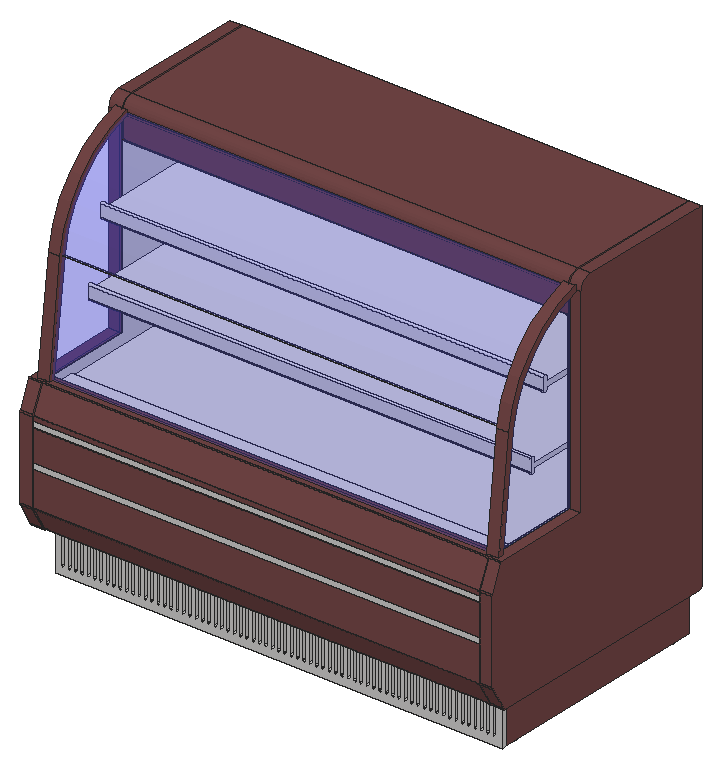
Revit family "QF_Turbo Air_TCGB-60-DR", category Specialty Equipment, Revit 2014
Parameters
  Weight in Pounds = 525
  Watermarked By = ""
  Volts = 115 V
  Vent Material = QF_Stainless-Polished
  URL Cutsheet = ""
  URL = "www.turboairinc.com"
  Status [instance] = ""
  Specification by User [instance] = ""
  Specification by Manufacturer [instance] = ""
  Serial Number [instance] = ""
  Revision Code [instance] = ""
  Phase = 1
  Number of Poles [instance] = 1
  NAFEM Spec ID Number [instance] = ""
  Model = "TCGB-60-DR"
  Masterspec [instance] = ""
  Manufacturer = "Turbo Air"  # constant formula
  Item Number [instance] = "-"
  Installed By [instance] = ""
  Furnished By [instance] = ""
  Foodservice Equipment Identifier = yes
  FL Amps = 0.7 A
  Exterior Material = QF_Plastic-Red Wine
  Electrical Remarks [instance] = ""
  Electric Connection Type [instance] = ""
  Elec Conn RI Height [instance] = 0' - 0"
  Elec Conn Connection Height = 0' - 6"
  Description = "Bakery Case"
  Cycle = 60 Hz
  Conn Plug = "NEMA 5-15P"
  CSI MasterFormat = "11 41 13"
  Assembly Code = "E1090320"
  Apparent Power = if(Phase = 3, Volts * FL Amps * 1.73, Volts * FL Amps)  # 80.5 VA
Reference planes (in)
  plane 1 "Handle Back": y = 0
  plane 2: z = 0
  plane 3 "LEFT": x = -16.56573
  plane 4 "RIGHT": x = 43.93427
  plane 5 "FRONT": y = -34.25
  plane 6 "Bottom": z = 0.3125
  plane 7 "Inside Left": x = -14.94073
  plane 8 "Inside Right": x = 42.30927
  plane 9 "BACK": y = -0.75
  plane 10 "Panel Lower": z = 23.25
  plane 11 "Inside Bottom": z = 21.125
  plane 12 "Panel Bottom": z = 6.0625
  plane 13 "TOP": z = 50.125
  plane 14 "Bottom Front": y = -30
  plane 15 "Door Left": x = -13.62823
  plane 16 "Door Right": x = 40.99677
  plane 17 "Lower Shelf": z = 30.6875
  plane 18 "Upper Shelf": z = 39.1875
  plane 19 "Door Top": z = 46.5625
  plane 20 "Door Bottom": z = 22.3125
  plane 21 "CENTER LR": x = 13.68427
Forms (in)
  Extrusion 1, solid, material "QF_Plastic-Red Wine" <- "Exterior Material"
    sketch origin (-16.56573, 0, 0) x (0, 1, 0) y (0, 0, 1)
      loop
        arc (-1.125, 6.0625) -> (-0.85983, 6.17233) -> (-0.75, 6.4375) r 0.375
        line (-0.75, 6.4375) -> (-0.75, 50.125) -> (-18.5, 50.125)
        arc (-18.5, 50.125) -> (-19.56066, 49.68566) -> (-20, 48.625) r 1.5
        line (-20, 48.625) -> (-20, 23.25) -> (-32.77179, 23.25)
        arc (-32.77179, 23.25) -> (-32.8059, 23.23987) -> (-32.82896, 23.21277) r 0.0625
        line (-32.82896, 23.21277) -> (-34.21799, 20.07001)
        arc (-34.21799, 20.07001) -> (-34.24191, 19.99589) -> (-34.25, 19.91842) r 0.375
        line (-34.25, 19.91842) -> (-34.25, 9.41058)
        arc (-34.25, 9.41058) -> (-34.23722, 9.31352) -> (-34.19976, 9.22308) r 0.375
        line (-34.19976, 9.22308) -> (-32.48325, 6.25)
        arc (-32.48325, 6.25) -> (-32.34599, 6.11274) -> (-32.15849, 6.0625) r 0.375
        line (-32.15849, 6.0625) -> (-1.125, 6.0625)
    from 0 to 1.625
  Extrusion 2, solid, material "QF_Plastic-Red Wine" <- "Exterior Material"
    sketch origin (43.93427, 0, 0) x (0, 1, 0) y (0, 0, 1)
      loop
        arc (-1.125, 6.0625) -> (-0.85983, 6.17233) -> (-0.75, 6.4375) r 0.375
        line (-0.75, 6.4375) -> (-0.75, 50.125) -> (-18.5, 50.125)
        arc (-18.5, 50.125) -> (-19.56066, 49.68566) -> (-20, 48.625) r 1.5
        line (-20, 48.625) -> (-20, 23.25) -> (-32.77179, 23.25)
        arc (-32.77179, 23.25) -> (-32.8059, 23.23987) -> (-32.82896, 23.21277) r 0.0625
        line (-32.82896, 23.21277) -> (-34.21799, 20.07001)
        arc (-34.21799, 20.07001) -> (-34.24191, 19.99589) -> (-34.25, 19.91842) r 0.375
        line (-34.25, 19.91842) -> (-34.25, 9.41058)
        arc (-34.25, 9.41058) -> (-34.23722, 9.31352) -> (-34.19976, 9.22308) r 0.375
        line (-34.19976, 9.22308) -> (-32.48325, 6.25)
        arc (-32.48325, 6.25) -> (-32.34599, 6.11274) -> (-32.15849, 6.0625) r 0.375
        line (-32.15849, 6.0625) -> (-1.125, 6.0625)
    from 0 to -1.625
  Extrusion 3, solid, material "QF_Plastic-Red Wine" <- "Exterior Material"
    sketch origin (-14.94073, 0, 0) x (0, 1, 0) y (0, 0, 1)
      loop
        line (-31.625, 23.25) -> (-29.95691, 36.83548)
        arc (-29.95691, 36.83548) -> (-26.72363, 44.11107) -> (-20, 48.375) r 13.75
        line (-20, 48.375) -> (-20, 48.625)
        arc (-20, 48.625) -> (-19.97988, 48.86988) -> (-19.92004, 49.10819) r 1.5
        arc (-19.92004, 49.10819) -> (-27.15455, 44.66306) -> (-30.63919, 36.92003) r 14.4375
        line (-30.63919, 36.92003) -> (-32.31766, 23.25) -> (-31.625, 23.25)
    from -0.875 to 0.625
  Extrusion 4, solid, material "QF_Plastic-Red Wine" <- "Exterior Material"
    sketch origin (42.30927, 0, 0) x (0, 1, 0) y (0, 0, 1)
      loop
        line (-31.625, 23.25) -> (-29.95691, 36.83548)
        arc (-29.95691, 36.83548) -> (-26.72363, 44.11107) -> (-20, 48.375) r 13.75
        line (-20, 48.375) -> (-20, 48.625)
        arc (-20, 48.625) -> (-19.97988, 48.86988) -> (-19.92004, 49.10819) r 1.5
        arc (-19.92004, 49.10819) -> (-27.15455, 44.66306) -> (-30.63919, 36.92003) r 14.4375
        line (-30.63919, 36.92003) -> (-32.31766, 23.25) -> (-31.625, 23.25)
    from 0.875 to -0.625
  Extrusion 5, solid, material "QF_Glass-Cast-Clear"
    sketch origin (-14.94073, 0, 0) x (0, 1, 0) y (0, 0, 1)
      loop
        arc (-20, 48.375) -> (-26.72363, 44.11107) -> (-29.95691, 36.83548) r 13.75
        line (-29.95691, 36.83548) -> (-31.625, 23.25) -> (-20, 23.25) -> (-20, 48.375)
    from 0 to -0.25
  Extrusion 6, solid, material "QF_Glass-Cast-Clear"
    sketch origin (42.30927, 0, 0) x (0, 1, 0) y (0, 0, 1)
      loop
        arc (-20, 48.375) -> (-26.72363, 44.11107) -> (-29.95691, 36.83548) r 13.75
        line (-29.95691, 36.83548) -> (-31.625, 23.25) -> (-20, 23.25) -> (-20, 48.375)
    from 0 to 0.25
  Extrusion 7, solid, material "QF_Plastic-Red Wine" <- "Exterior Material"
    sketch origin (-14.94073, 0, 0) x (0, 1, 0) y (0, 0, 1)
      loop
        line (-0.75, 50.125) -> (-18.5, 50.125)
        arc (-18.5, 50.125) -> (-19.56066, 49.68566) -> (-20, 48.625) r 1.5
        line (-20, 48.625) -> (-20, 45.5)
        arc (-20, 45.5) -> (-19.9375, 45.4375) -> (-19.875, 45.5) r 0.0625
        line (-19.875, 45.5) -> (-19.875, 48.625)
        arc (-19.875, 48.625) -> (-19.81819, 49.01616) -> (-19.65244, 49.375) r 1.375
        line (-19.65244, 49.375) -> (-3.125, 49.375) -> (-3.125, 46.5625) -> (-0.75, 46.5625) -> (-0.75, 50.125)
      loop
        line (-0.75, 14.3125) -> (-0.75, 22.3125) -> (-3.125, 22.3125) -> (-3.125, 14.3125) -> (-0.75, 14.3125)
    from 0 to 57.25
  Extrusion 8, solid, material "QF_Plastic-Red Wine" <- "Exterior Material"
    sketch origin (0, 0, 0.3125) x (0, 1, 0) y (-1, 0, 0)
      loop
        line (-0.75, 14.94073) -> (-30, 14.94073) -> (-30, -42.30927) -> (-0.75, -42.30927) -> (-0.75, 14.94073)
      loop
        line (-29.75, 14.69073) -> (-29.75, -42.05927) -> (-1, -42.05927) -> (-1, 14.69073) -> (-29.75, 14.69073)
    from 0 to 14
  Extrusion 9, solid, material "QF_Plastic-Red Wine" <- "Exterior Material"
    sketch origin (0, 0, 0.3125) x (0, 1, 0) y (-1, 0, 0)
      loop
        line (-29.75, -42.05927) -> (-1, -42.05927) -> (-1, 14.69073) -> (-29.75, 14.69073) -> (-29.75, -42.05927)
    from 0 to 0.25
  Extrusion 10, solid, material "QF_Stainless-Polished" <- "Vent Material"
    sketch origin (0, -30, 0) x (1, 0, 0) y (0, 0, 1)
      loop
        line (-14.94073, 6.1875) -> (-14.94073, 0.3125) -> (42.30927, 0.3125) -> (42.30927, 6.1875) -> (-14.94073, 6.1875)
    from 0 to 0.5625
  Extrusion 11, void
    sketch origin (0, -30, 0) x (1, 0, 0) y (0, 0, 1)
      loop
        arc (13.49677, 1.5625) -> (13.68427, 1.375) -> (13.87177, 1.5625) r 0.1875
        line (13.87177, 1.5625) -> (13.87177, 5.125)
        arc (13.87177, 5.125) -> (13.68427, 5.3125) -> (13.49677, 5.125) r 0.1875
        line (13.49677, 5.125) -> (13.49677, 1.5625)
      loop
        line (28.49677, 1.5625) -> (28.49677, 5.125)
        arc (28.49677, 5.125) -> (28.30927, 5.3125) -> (28.12177, 5.125) r 0.1875
        line (28.12177, 5.125) -> (28.12177, 1.5625)
        arc (28.12177, 1.5625) -> (28.30927, 1.375) -> (28.49677, 1.5625) r 0.1875
      loop
        line (27.68427, 1.5625) -> (27.68427, 5.125)
        arc (27.68427, 5.125) -> (27.49677, 5.3125) -> (27.30927, 5.125) r 0.1875
        line (27.30927, 5.125) -> (27.30927, 1.5625)
        arc (27.30927, 1.5625) -> (27.49677, 1.375) -> (27.68427, 1.5625) r 0.1875
      loop
        line (26.87177, 1.5625) -> (26.87177, 5.125)
        arc (26.87177, 5.125) -> (26.68427, 5.3125) -> (26.49677, 5.125) r 0.1875
        line (26.49677, 5.125) -> (26.49677, 1.5625)
        arc (26.49677, 1.5625) -> (26.68427, 1.375) -> (26.87177, 1.5625) r 0.1875
      loop
        line (26.05927, 1.5625) -> (26.05927, 5.125)
        arc (26.05927, 5.125) -> (25.87177, 5.3125) -> (25.68427, 5.125) r 0.1875
        line (25.68427, 5.125) -> (25.68427, 1.5625)
        arc (25.68427, 1.5625) -> (25.87177, 1.375) -> (26.05927, 1.5625) r 0.1875
      loop
        line (25.24677, 1.5625) -> (25.24677, 5.125)
        arc (25.24677, 5.125) -> (25.05927, 5.3125) -> (24.87177, 5.125) r 0.1875
        line (24.87177, 5.125) -> (24.87177, 1.5625)
        arc (24.87177, 1.5625) -> (25.05927, 1.375) -> (25.24677, 1.5625) r 0.1875
      loop
        line (24.43427, 1.5625) -> (24.43427, 5.125)
        arc (24.43427, 5.125) -> (24.24677, 5.3125) -> (24.05927, 5.125) r 0.1875
        line (24.05927, 5.125) -> (24.05927, 1.5625)
        arc (24.05927, 1.5625) -> (24.24677, 1.375) -> (24.43427, 1.5625) r 0.1875
      loop
        line (23.62177, 1.5625) -> (23.62177, 5.125)
        arc (23.62177, 5.125) -> (23.43427, 5.3125) -> (23.24677, 5.125) r 0.1875
        line (23.24677, 5.125) -> (23.24677, 1.5625)
        arc (23.24677, 1.5625) -> (23.43427, 1.375) -> (23.62177, 1.5625) r 0.1875
      loop
        line (22.80927, 1.5625) -> (22.80927, 5.125)
        arc (22.80927, 5.125) -> (22.62177, 5.3125) -> (22.43427, 5.125) r 0.1875
        line (22.43427, 5.125) -> (22.43427, 1.5625)
        arc (22.43427, 1.5625) -> (22.62177, 1.375) -> (22.80927, 1.5625) r 0.1875
      loop
        line (21.99677, 1.5625) -> (21.99677, 5.125)
        arc (21.99677, 5.125) -> (21.80927, 5.3125) -> (21.62177, 5.125) r 0.1875
        line (21.62177, 5.125) -> (21.62177, 1.5625)
        arc (21.62177, 1.5625) -> (21.80927, 1.375) -> (21.99677, 1.5625) r 0.1875
      loop
        line (21.18427, 1.5625) -> (21.18427, 5.125)
        arc (21.18427, 5.125) -> (20.99677, 5.3125) -> (20.80927, 5.125) r 0.1875
        line (20.80927, 5.125) -> (20.80927, 1.5625)
        arc (20.80927, 1.5625) -> (20.99677, 1.375) -> (21.18427, 1.5625) r 0.1875
      loop
        line (20.37177, 1.5625) -> (20.37177, 5.125)
        arc (20.37177, 5.125) -> (20.18427, 5.3125) -> (19.99677, 5.125) r 0.1875
        line (19.99677, 5.125) -> (19.99677, 1.5625)
        arc (19.99677, 1.5625) -> (20.18427, 1.375) -> (20.37177, 1.5625) r 0.1875
      loop
        line (19.55927, 1.5625) -> (19.55927, 5.125)
        arc (19.55927, 5.125) -> (19.37177, 5.3125) -> (19.18427, 5.125) r 0.1875
        line (19.18427, 5.125) -> (19.18427, 1.5625)
        arc (19.18427, 1.5625) -> (19.37177, 1.375) -> (19.55927, 1.5625) r 0.1875
      loop
        line (18.74677, 1.5625) -> (18.74677, 5.125)
        arc (18.74677, 5.125) -> (18.55927, 5.3125) -> (18.37177, 5.125) r 0.1875
        line (18.37177, 5.125) -> (18.37177, 1.5625)
        arc (18.37177, 1.5625) -> (18.55927, 1.375) -> (18.74677, 1.5625) r 0.1875
      loop
        line (17.93427, 1.5625) -> (17.93427, 5.125)
        arc (17.93427, 5.125) -> (17.74677, 5.3125) -> (17.55927, 5.125) r 0.1875
        line (17.55927, 5.125) -> (17.55927, 1.5625)
        arc (17.55927, 1.5625) -> (17.74677, 1.375) -> (17.93427, 1.5625) r 0.1875
      loop
        line (17.12177, 1.5625) -> (17.12177, 5.125)
        arc (17.12177, 5.125) -> (16.93427, 5.3125) -> (16.74677, 5.125) r 0.1875
        line (16.74677, 5.125) -> (16.74677, 1.5625)
        arc (16.74677, 1.5625) -> (16.93427, 1.375) -> (17.12177, 1.5625) r 0.1875
      loop
        line (16.30927, 1.5625) -> (16.30927, 5.125)
        arc (16.30927, 5.125) -> (16.12177, 5.3125) -> (15.93427, 5.125) r 0.1875
        line (15.93427, 5.125) -> (15.93427, 1.5625)
        arc (15.93427, 1.5625) -> (16.12177, 1.375) -> (16.30927, 1.5625) r 0.1875
      loop
        line (15.49677, 1.5625) -> (15.49677, 5.125)
        arc (15.49677, 5.125) -> (15.30927, 5.3125) -> (15.12177, 5.125) r 0.1875
        line (15.12177, 5.125) -> (15.12177, 1.5625)
        arc (15.12177, 1.5625) -> (15.30927, 1.375) -> (15.49677, 1.5625) r 0.1875
      loop
        line (14.68427, 1.5625) -> (14.68427, 5.125)
        arc (14.68427, 5.125) -> (14.49677, 5.3125) -> (14.30927, 5.125) r 0.1875
        line (14.30927, 5.125) -> (14.30927, 1.5625)
        arc (14.30927, 1.5625) -> (14.49677, 1.375) -> (14.68427, 1.5625) r 0.1875
      loop
        line (34.18427, 1.5625) -> (34.18427, 5.125)
        arc (34.18427, 5.125) -> (33.99677, 5.3125) -> (33.80927, 5.125) r 0.1875
        line (33.80927, 5.125) -> (33.80927, 1.5625)
        arc (33.80927, 1.5625) -> (33.99677, 1.375) -> (34.18427, 1.5625) r 0.1875
      loop
        line (33.37177, 1.5625) -> (33.37177, 5.125)
        arc (33.37177, 5.125) -> (33.18427, 5.3125) -> (32.99677, 5.125) r 0.1875
        line (32.99677, 5.125) -> (32.99677, 1.5625)
        arc (32.99677, 1.5625) -> (33.18427, 1.375) -> (33.37177, 1.5625) r 0.1875
      loop
        line (32.55927, 1.5625) -> (32.55927, 5.125)
        arc (32.55927, 5.125) -> (32.37177, 5.3125) -> (32.18427, 5.125) r 0.1875
        line (32.18427, 5.125) -> (32.18427, 1.5625)
        arc (32.18427, 1.5625) -> (32.37177, 1.375) -> (32.55927, 1.5625) r 0.1875
      loop
        line (31.74677, 1.5625) -> (31.74677, 5.125)
        arc (31.74677, 5.125) -> (31.55927, 5.3125) -> (31.37177, 5.125) r 0.1875
        line (31.37177, 5.125) -> (31.37177, 1.5625)
        arc (31.37177, 1.5625) -> (31.55927, 1.375) -> (31.74677, 1.5625) r 0.1875
      loop
        line (30.93427, 1.5625) -> (30.93427, 5.125)
        arc (30.93427, 5.125) -> (30.74677, 5.3125) -> (30.55927, 5.125) r 0.1875
        line (30.55927, 5.125) -> (30.55927, 1.5625)
        arc (30.55927, 1.5625) -> (30.74677, 1.375) -> (30.93427, 1.5625) r 0.1875
      loop
        line (30.12177, 1.5625) -> (30.12177, 5.125)
        arc (30.12177, 5.125) -> (29.93427, 5.3125) -> (29.74677, 5.125) r 0.1875
        line (29.74677, 5.125) -> (29.74677, 1.5625)
        arc (29.74677, 1.5625) -> (29.93427, 1.375) -> (30.12177, 1.5625) r 0.1875
      loop
        line (29.30927, 1.5625) -> (29.30927, 5.125)
        arc (29.30927, 5.125) -> (29.12177, 5.3125) -> (28.93427, 5.125) r 0.1875
        line (28.93427, 5.125) -> (28.93427, 1.5625)
        arc (28.93427, 1.5625) -> (29.12177, 1.375) -> (29.30927, 1.5625) r 0.1875
      loop
        line (35.80927, 1.5625) -> (35.80927, 5.125)
        arc (35.80927, 5.125) -> (35.62177, 5.3125) -> (35.43427, 5.125) r 0.1875
        line (35.43427, 5.125) -> (35.43427, 1.5625)
        arc (35.43427, 1.5625) -> (35.62177, 1.375) -> (35.80927, 1.5625) r 0.1875
      loop
        line (34.99677, 1.5625) -> (34.99677, 5.125)
        arc (34.99677, 5.125) -> (34.80927, 5.3125) -> (34.62177, 5.125) r 0.1875
        line (34.62177, 5.125) -> (34.62177, 1.5625)
        arc (34.62177, 1.5625) -> (34.80927, 1.375) -> (34.99677, 1.5625) r 0.1875
      loop
        line (41.49677, 1.5625) -> (41.49677, 5.125)
        arc (41.49677, 5.125) -> (41.30927, 5.3125) -> (41.12177, 5.125) r 0.1875
        line (41.12177, 5.125) -> (41.12177, 1.5625)
        arc (41.12177, 1.5625) -> (41.30927, 1.375) -> (41.49677, 1.5625) r 0.1875
      loop
        line (40.68427, 1.5625) -> (40.68427, 5.125)
        arc (40.68427, 5.125) -> (40.49677, 5.3125) -> (40.30927, 5.125) r 0.1875
        line (40.30927, 5.125) -> (40.30927, 1.5625)
        arc (40.30927, 1.5625) -> (40.49677, 1.375) -> (40.68427, 1.5625) r 0.1875
      loop
        line (39.87177, 1.5625) -> (39.87177, 5.125)
        arc (39.87177, 5.125) -> (39.68427, 5.3125) -> (39.49677, 5.125) r 0.1875
        line (39.49677, 5.125) -> (39.49677, 1.5625)
        arc (39.49677, 1.5625) -> (39.68427, 1.375) -> (39.87177, 1.5625) r 0.1875
      loop
        line (39.05927, 1.5625) -> (39.05927, 5.125)
        arc (39.05927, 5.125) -> (38.87177, 5.3125) -> (38.68427, 5.125) r 0.1875
        line (38.68427, 5.125) -> (38.68427, 1.5625)
        arc (38.68427, 1.5625) -> (38.87177, 1.375) -> (39.05927, 1.5625) r 0.1875
      loop
        line (38.24677, 1.5625) -> (38.24677, 5.125)
        arc (38.24677, 5.125) -> (38.05927, 5.3125) -> (37.87177, 5.125) r 0.1875
        line (37.87177, 5.125) -> (37.87177, 1.5625)
        arc (37.87177, 1.5625) -> (38.05927, 1.375) -> (38.24677, 1.5625) r 0.1875
      loop
        line (37.43427, 1.5625) -> (37.43427, 5.125)
        arc (37.43427, 5.125) -> (37.24677, 5.3125) -> (37.05927, 5.125) r 0.1875
        line (37.05927, 5.125) -> (37.05927, 1.5625)
        arc (37.05927, 1.5625) -> (37.24677, 1.375) -> (37.43427, 1.5625) r 0.1875
      loop
        line (36.62177, 1.5625) -> (36.62177, 5.125)
        arc (36.62177, 5.125) -> (36.43427, 5.3125) -> (36.24677, 5.125) r 0.1875
        line (36.24677, 5.125) -> (36.24677, 1.5625)
        arc (36.24677, 1.5625) -> (36.43427, 1.375) -> (36.62177, 1.5625) r 0.1875
      loop
        arc (-1.12823, 1.5625) -> (-0.94073, 1.375) -> (-0.75323, 1.5625) r 0.1875
        line (-0.75323, 1.5625) -> (-0.75323, 5.125)
        arc (-0.75323, 5.125) -> (-0.94073, 5.3125) -> (-1.12823, 5.125) r 0.1875
        line (-1.12823, 5.125) -> (-1.12823, 1.5625)
      loop
        arc (-0.31573, 1.5625) -> (-0.12823, 1.375) -> (0.05927, 1.5625) r 0.1875
        line (0.05927, 1.5625) -> (0.05927, 5.125)
        arc (0.05927, 5.125) -> (-0.12823, 5.3125) -> (-0.31573, 5.125) r 0.1875
        line (-0.31573, 5.125) -> (-0.31573, 1.5625)
      loop
        arc (0.49677, 1.5625) -> (0.68427, 1.375) -> (0.87177, 1.5625) r 0.1875
        line (0.87177, 1.5625) -> (0.87177, 5.125)
        arc (0.87177, 5.125) -> (0.68427, 5.3125) -> (0.49677, 5.125) r 0.1875
        line (0.49677, 5.125) -> (0.49677, 1.5625)
      loop
        arc (1.30927, 1.5625) -> (1.49677, 1.375) -> (1.68427, 1.5625) r 0.1875
        line (1.68427, 1.5625) -> (1.68427, 5.125)
        arc (1.68427, 5.125) -> (1.49677, 5.3125) -> (1.30927, 5.125) r 0.1875
        line (1.30927, 5.125) -> (1.30927, 1.5625)
      loop
        arc (2.12177, 1.5625) -> (2.30927, 1.375) -> (2.49677, 1.5625) r 0.1875
        line (2.49677, 1.5625) -> (2.49677, 5.125)
        arc (2.49677, 5.125) -> (2.30927, 5.3125) -> (2.12177, 5.125) r 0.1875
        line (2.12177, 5.125) -> (2.12177, 1.5625)
      loop
        arc (2.93427, 1.5625) -> (3.12177, 1.375) -> (3.30927, 1.5625) r 0.1875
        line (3.30927, 1.5625) -> (3.30927, 5.125)
        arc (3.30927, 5.125) -> (3.12177, 5.3125) -> (2.93427, 5.125) r 0.1875
        line (2.93427, 5.125) -> (2.93427, 1.5625)
      loop
        arc (3.74677, 1.5625) -> (3.93427, 1.375) -> (4.12177, 1.5625) r 0.1875
        line (4.12177, 1.5625) -> (4.12177, 5.125)
        arc (4.12177, 5.125) -> (3.93427, 5.3125) -> (3.74677, 5.125) r 0.1875
        line (3.74677, 5.125) -> (3.74677, 1.5625)
      loop
        arc (4.55927, 1.5625) -> (4.74677, 1.375) -> (4.93427, 1.5625) r 0.1875
        line (4.93427, 1.5625) -> (4.93427, 5.125)
        arc (4.93427, 5.125) -> (4.74677, 5.3125) -> (4.55927, 5.125) r 0.1875
        line (4.55927, 5.125) -> (4.55927, 1.5625)
      loop
        arc (5.37177, 1.5625) -> (5.55927, 1.375) -> (5.74677, 1.5625) r 0.1875
        line (5.74677, 1.5625) -> (5.74677, 5.125)
        arc (5.74677, 5.125) -> (5.55927, 5.3125) -> (5.37177, 5.125) r 0.1875
        line (5.37177, 5.125) -> (5.37177, 1.5625)
      loop
        arc (6.18427, 1.5625) -> (6.37177, 1.375) -> (6.55927, 1.5625) r 0.1875
        line (6.55927, 1.5625) -> (6.55927, 5.125)
        arc (6.55927, 5.125) -> (6.37177, 5.3125) -> (6.18427, 5.125) r 0.1875
        line (6.18427, 5.125) -> (6.18427, 1.5625)
      loop
        arc (6.99677, 1.5625) -> (7.18427, 1.375) -> (7.37177, 1.5625) r 0.1875
        line (7.37177, 1.5625) -> (7.37177, 5.125)
        arc (7.37177, 5.125) -> (7.18427, 5.3125) -> (6.99677, 5.125) r 0.1875
        line (6.99677, 5.125) -> (6.99677, 1.5625)
      loop
        arc (7.80927, 1.5625) -> (7.99677, 1.375) -> (8.18427, 1.5625) r 0.1875
        line (8.18427, 1.5625) -> (8.18427, 5.125)
        arc (8.18427, 5.125) -> (7.99677, 5.3125) -> (7.80927, 5.125) r 0.1875
        line (7.80927, 5.125) -> (7.80927, 1.5625)
      loop
        arc (8.62177, 1.5625) -> (8.80927, 1.375) -> (8.99677, 1.5625) r 0.1875
        line (8.99677, 1.5625) -> (8.99677, 5.125)
        arc (8.99677, 5.125) -> (8.80927, 5.3125) -> (8.62177, 5.125) r 0.1875
        line (8.62177, 5.125) -> (8.62177, 1.5625)
      loop
        arc (9.43427, 1.5625) -> (9.62177, 1.375) -> (9.80927, 1.5625) r 0.1875
        line (9.80927, 1.5625) -> (9.80927, 5.125)
        arc (9.80927, 5.125) -> (9.62177, 5.3125) -> (9.43427, 5.125) r 0.1875
        line (9.43427, 5.125) -> (9.43427, 1.5625)
      loop
        arc (10.24677, 1.5625) -> (10.43427, 1.375) -> (10.62177, 1.5625) r 0.1875
        line (10.62177, 1.5625) -> (10.62177, 5.125)
        arc (10.62177, 5.125) -> (10.43427, 5.3125) -> (10.24677, 5.125) r 0.1875
        line (10.24677, 5.125) -> (10.24677, 1.5625)
      loop
        arc (11.05927, 1.5625) -> (11.24677, 1.375) -> (11.43427, 1.5625) r 0.1875
        line (11.43427, 1.5625) -> (11.43427, 5.125)
        arc (11.43427, 5.125) -> (11.24677, 5.3125) -> (11.05927, 5.125) r 0.1875
        line (11.05927, 5.125) -> (11.05927, 1.5625)
      loop
        arc (11.87177, 1.5625) -> (12.05927, 1.375) -> (12.24677, 1.5625) r 0.1875
        line (12.24677, 1.5625) -> (12.24677, 5.125)
        arc (12.24677, 5.125) -> (12.05927, 5.3125) -> (11.87177, 5.125) r 0.1875
        line (11.87177, 5.125) -> (11.87177, 1.5625)
      loop
        arc (12.68427, 1.5625) -> (12.87177, 1.375) -> (13.05927, 1.5625) r 0.1875
        line (13.05927, 1.5625) -> (13.05927, 5.125)
        arc (13.05927, 5.125) -> (12.87177, 5.3125) -> (12.68427, 5.125) r 0.1875
        line (12.68427, 5.125) -> (12.68427, 1.5625)
      loop
        arc (-6.81573, 1.5625) -> (-6.62823, 1.375) -> (-6.44073, 1.5625) r 0.1875
        line (-6.44073, 1.5625) -> (-6.44073, 5.125)
        arc (-6.44073, 5.125) -> (-6.62823, 5.3125) -> (-6.81573, 5.125) r 0.1875
        line (-6.81573, 5.125) -> (-6.81573, 1.5625)
      loop
        arc (-6.00323, 1.5625) -> (-5.81573, 1.375) -> (-5.62823, 1.5625) r 0.1875
        line (-5.62823, 1.5625) -> (-5.62823, 5.125)
        arc (-5.62823, 5.125) -> (-5.81573, 5.3125) -> (-6.00323, 5.125) r 0.1875
        line (-6.00323, 5.125) -> (-6.00323, 1.5625)
      loop
        arc (-5.19073, 1.5625) -> (-5.00323, 1.375) -> (-4.81573, 1.5625) r 0.1875
        line (-4.81573, 1.5625) -> (-4.81573, 5.125)
        arc (-4.81573, 5.125) -> (-5.00323, 5.3125) -> (-5.19073, 5.125) r 0.1875
        line (-5.19073, 5.125) -> (-5.19073, 1.5625)
      loop
        arc (-4.37823, 1.5625) -> (-4.19073, 1.375) -> (-4.00323, 1.5625) r 0.1875
        line (-4.00323, 1.5625) -> (-4.00323, 5.125)
        arc (-4.00323, 5.125) -> (-4.19073, 5.3125) -> (-4.37823, 5.125) r 0.1875
        line (-4.37823, 5.125) -> (-4.37823, 1.5625)
      loop
        arc (-3.56573, 1.5625) -> (-3.37823, 1.375) -> (-3.19073, 1.5625) r 0.1875
        line (-3.19073, 1.5625) -> (-3.19073, 5.125)
        arc (-3.19073, 5.125) -> (-3.37823, 5.3125) -> (-3.56573, 5.125) r 0.1875
        line (-3.56573, 5.125) -> (-3.56573, 1.5625)
      loop
        arc (-2.75323, 1.5625) -> (-2.56573, 1.375) -> (-2.37823, 1.5625) r 0.1875
        line (-2.37823, 1.5625) -> (-2.37823, 5.125)
        arc (-2.37823, 5.125) -> (-2.56573, 5.3125) -> (-2.75323, 5.125) r 0.1875
        line (-2.75323, 5.125) -> (-2.75323, 1.5625)
      loop
        arc (-1.94073, 1.5625) -> (-1.75323, 1.375) -> (-1.56573, 1.5625) r 0.1875
        line (-1.56573, 1.5625) -> (-1.56573, 5.125)
        arc (-1.56573, 5.125) -> (-1.75323, 5.3125) -> (-1.94073, 5.125) r 0.1875
        line (-1.94073, 5.125) -> (-1.94073, 1.5625)
      loop
        arc (-8.44073, 1.5625) -> (-8.25323, 1.375) -> (-8.06573, 1.5625) r 0.1875
        line (-8.06573, 1.5625) -> (-8.06573, 5.125)
        arc (-8.06573, 5.125) -> (-8.25323, 5.3125) -> (-8.44073, 5.125) r 0.1875
        line (-8.44073, 5.125) -> (-8.44073, 1.5625)
      loop
        arc (-7.62823, 1.5625) -> (-7.44073, 1.375) -> (-7.25323, 1.5625) r 0.1875
        line (-7.25323, 1.5625) -> (-7.25323, 5.125)
        arc (-7.25323, 5.125) -> (-7.44073, 5.3125) -> (-7.62823, 5.125) r 0.1875
        line (-7.62823, 5.125) -> (-7.62823, 1.5625)
      loop
        arc (-14.12823, 1.5625) -> (-13.94073, 1.375) -> (-13.75323, 1.5625) r 0.1875
        line (-13.75323, 1.5625) -> (-13.75323, 5.125)
        arc (-13.75323, 5.125) -> (-13.94073, 5.3125) -> (-14.12823, 5.125) r 0.1875
        line (-14.12823, 5.125) -> (-14.12823, 1.5625)
      loop
        arc (-13.31573, 1.5625) -> (-13.12823, 1.375) -> (-12.94073, 1.5625) r 0.1875
        line (-12.94073, 1.5625) -> (-12.94073, 5.125)
        arc (-12.94073, 5.125) -> (-13.12823, 5.3125) -> (-13.31573, 5.125) r 0.1875
        line (-13.31573, 5.125) -> (-13.31573, 1.5625)
      loop
        arc (-12.50323, 1.5625) -> (-12.31573, 1.375) -> (-12.12823, 1.5625) r 0.1875
        line (-12.12823, 1.5625) -> (-12.12823, 5.125)
        arc (-12.12823, 5.125) -> (-12.31573, 5.3125) -> (-12.50323, 5.125) r 0.1875
        line (-12.50323, 5.125) -> (-12.50323, 1.5625)
      loop
        arc (-11.69073, 1.5625) -> (-11.50323, 1.375) -> (-11.31573, 1.5625) r 0.1875
        line (-11.31573, 1.5625) -> (-11.31573, 5.125)
        arc (-11.31573, 5.125) -> (-11.50323, 5.3125) -> (-11.69073, 5.125) r 0.1875
        line (-11.69073, 5.125) -> (-11.69073, 1.5625)
      loop
        arc (-10.87823, 1.5625) -> (-10.69073, 1.375) -> (-10.50323, 1.5625) r 0.1875
        line (-10.50323, 1.5625) -> (-10.50323, 5.125)
        arc (-10.50323, 5.125) -> (-10.69073, 5.3125) -> (-10.87823, 5.125) r 0.1875
        line (-10.87823, 5.125) -> (-10.87823, 1.5625)
      loop
        arc (-10.06573, 1.5625) -> (-9.87823, 1.375) -> (-9.69073, 1.5625) r 0.1875
        line (-9.69073, 1.5625) -> (-9.69073, 5.125)
        arc (-9.69073, 5.125) -> (-9.87823, 5.3125) -> (-10.06573, 5.125) r 0.1875
        line (-10.06573, 5.125) -> (-10.06573, 1.5625)
      loop
        arc (-9.25323, 1.5625) -> (-9.06573, 1.375) -> (-8.87823, 1.5625) r 0.1875
        line (-8.87823, 1.5625) -> (-8.87823, 5.125)
        arc (-8.87823, 5.125) -> (-9.06573, 5.3125) -> (-9.25323, 5.125) r 0.1875
        line (-9.25323, 5.125) -> (-9.25323, 1.5625)
    from -0.25 to 0.5625
  Extrusion 12, solid, material "QF_Plastic-Red Wine" <- "Exterior Material"
    sketch origin (-14.94073, 0, 0) x (0, 1, 0) y (0, 0, 1)
      loop
        line (-0.75, 46.5625) -> (-3.125, 46.5625) -> (-3.125, 22.3125) -> (-0.75, 22.3125) -> (-0.75, 46.5625)
    from 0 to 1.3125
  Extrusion 13, solid, material "QF_Plastic-Red Wine" <- "Exterior Material"
    sketch origin (42.30927, 0, 0) x (0, 1, 0) y (0, 0, 1)
      loop
        line (-0.75, 46.5625) -> (-3.125, 46.5625) -> (-3.125, 22.3125) -> (-0.75, 22.3125) -> (-0.75, 46.5625)
    from 0 to -1.3125
  Extrusion 14, solid, material "QF_Glass-Cast-Clear"
    sketch origin (-14.94073, 0, 0) x (0, 1, 0) y (0, 0, 1)
      loop
        arc (-30.01894, 36.84316) -> (-26.76529, 44.15845) -> (-20, 48.43986) r 13.8125
        line (-20, 48.43986) -> (-20, 48.625)
        arc (-20, 48.625) -> (-19.99639, 48.72898) -> (-19.98558, 48.83246) r 1.5
        arc (-19.98558, 48.83246) -> (-27.01031, 44.44827) -> (-30.39109, 36.88929) r 14.1875
        line (-30.39109, 36.88929) -> (-32.06579, 23.25) -> (-31.68797, 23.25) -> (-30.01894, 36.84316)
    from 0.625 to 56.625
  Extrusion 15, solid, material "QF_Plastic-Red Wine" <- "Exterior Material"
    sketch origin (-14.94073, 0, 0) x (0, 1, 0) y (0, 0, 1)
      loop
        line (-32.77708, 23.17553) -> (-34.17683, 20.00854)
        arc (-34.17683, 20.00854) -> (-34.1848, 19.98383) -> (-34.1875, 19.95801) r 0.125
        line (-34.1875, 19.95801) -> (-34.1875, 19.4219) -> (-33.8125, 19.4219) -> (-33.8125, 19.90522) -> (-32.49992, 22.875) -> (-31.20917, 22.875) -> (-31.20917, 23.25) -> (-32.66275, 23.25)
        arc (-32.66275, 23.25) -> (-32.73097, 23.22974) -> (-32.77708, 23.17553) r 0.125
      loop
        line (-34.17075, 9.29784) -> (-32.41108, 6.25)
        arc (-32.41108, 6.25) -> (-32.36533, 6.20425) -> (-32.30283, 6.1875) r 0.125
        line (-32.30283, 6.1875) -> (-30, 6.1875) -> (-30, 6.5625) -> (-32.15849, 6.5625) -> (-33.8125, 9.42732) -> (-33.8125, 13.8594) -> (-34.1875, 13.8594) -> (-34.1875, 9.36034)
        arc (-34.1875, 9.36034) -> (-34.18324, 9.32798) -> (-34.17075, 9.29784) r 0.125
      loop
        line (-34.1875, 18.6094) -> (-34.1875, 14.6094) -> (-33.8125, 14.6094) -> (-33.8125, 18.6094) -> (-34.1875, 18.6094)
    from 0 to 57.25
  Extrusion 16, solid, material "QF_Stainless-Polished"
    sketch origin (-14.94073, 0, 0) x (0, 1, 0) y (0, 0, 1)
      loop
        line (-34.1875, 19.3594) -> (-34.1875, 18.6719) -> (-33.8125, 18.6719) -> (-33.8125, 19.3594) -> (-34.1875, 19.3594)
      loop
        line (-34.1875, 14.5469) -> (-34.1875, 13.9219) -> (-33.8125, 13.9219) -> (-33.8125, 14.5469) -> (-34.1875, 14.5469)
    from 0 to 57.25
  Extrusion 17, solid, material "QF_Plastic-Opaque-White"
    sketch origin (-14.94073, 0, 0) x (0, 1, 0) y (0, 0, 1)
      loop
        line (-3.125, 21.125) -> (-28.125, 21.125) -> (-28.125, 22.25) -> (-31.20917, 22.25) -> (-31.20917, 22.875) -> (-32.49992, 22.875) -> (-33.8125, 19.90522) -> (-33.8125, 9.42732) -> (-32.15849, 6.5625) -> (-30, 6.5625) -> (-30, 14.3125) -> (-3.125, 14.3125) -> (-3.125, 21.125)
    from 0 to 57.25
  Extrusion 18, solid, material "QF_Plastic-Opaque-White"
    sketch origin (-14.94073, 0, 0) x (0, 1, 0) y (0, 0, 1)
      loop
        line (-3.125, 21.125) -> (-3.125, 49.375) -> (-5.875, 49.375) -> (-5.875, 21.125) -> (-3.125, 21.125)
    from 0 to 1.3125
  Extrusion 19, solid, material "QF_Plastic-Opaque-White"
    sketch origin (42.30927, 0, 0) x (0, 1, 0) y (0, 0, 1)
      loop
        line (-3.125, 21.125) -> (-3.125, 49.375) -> (-5.875, 49.375) -> (-5.875, 21.125) -> (-3.125, 21.125)
    from 0 to -1.3125
  Extrusion 20, solid, material "QF_Plastic-Opaque-White"
    sketch origin (-13.62823, 0, 0) x (0, 1, 0) y (0, 0, 1)
      loop
        line (-5.875, 49.375) -> (-5.875, 46.5625) -> (-3.125, 46.5625) -> (-3.125, 49.375) -> (-5.875, 49.375)
      loop
        line (-5.875, 21.125) -> (-3.125, 21.125) -> (-3.125, 22.3125) -> (-5.875, 22.3125) -> (-5.875, 21.125)
    from 0 to 54.625
  Extrusion 21, solid, material "QF_Plastic-Opaque-White"
    sketch origin (-14.94073, 0, 0) x (0, 1, 0) y (0, 0, 1)
      loop
        line (-5.875, 49.375) -> (-19.65244, 49.375)
        arc (-19.65244, 49.375) -> (-19.81819, 49.01616) -> (-19.875, 48.625) r 1.375
        line (-19.875, 48.625) -> (-19.875, 48.375) -> (-18.375, 48.375) -> (-18.375, 47.375) -> (-5.875, 47.375) -> (-5.875, 49.375)
    from 0 to 57.25
  Extrusion 22, solid, material "QF_Plastic-Opaque-White"
    sketch origin (-14.94073, 0, 0) x (0, 1, 0) y (0, 0, 1)
      loop
        line (-20, 45.5) -> (-20, 23.25) -> (-31.20917, 23.25) -> (-31.20917, 22.25) -> (-28.125, 22.25) -> (-28.125, 21.125) -> (-28.0625, 21.125) -> (-28.0625, 21.9375) -> (-7.5, 21.9375) -> (-7.5, 21.125) -> (-7.4375, 21.125) -> (-7.4375, 21.9375) -> (-5.9375, 21.9375) -> (-5.9375, 21.125) -> (-5.875, 21.125) -> (-5.875, 47.375) -> (-18.375, 47.375) -> (-18.375, 48.375) -> (-19.875, 48.375) -> (-19.875, 45.5)
        arc (-19.875, 45.5) -> (-19.9375, 45.4375) -> (-20, 45.5) r 0.0625
    from 0 to 0.0625
  Extrusion 23, solid, material "QF_Plastic-Opaque-White"
    sketch origin (42.30927, 0, 0) x (0, 1, 0) y (0, 0, 1)
      loop
        line (-20, 45.5) -> (-20, 23.25) -> (-31.20917, 23.25) -> (-31.20917, 22.25) -> (-28.125, 22.25) -> (-28.125, 21.125) -> (-28.0625, 21.125) -> (-28.0625, 21.9375) -> (-7.5, 21.9375) -> (-7.5, 21.125) -> (-7.4375, 21.125) -> (-7.4375, 21.9375) -> (-5.9375, 21.9375) -> (-5.9375, 21.125) -> (-5.875, 21.125) -> (-5.875, 47.375) -> (-18.375, 47.375) -> (-18.375, 48.375) -> (-19.875, 48.375) -> (-19.875, 45.5)
        arc (-19.875, 45.5) -> (-19.9375, 45.4375) -> (-20, 45.5) r 0.0625
    from 0 to -0.0625
  Extrusion 24, solid, material "QF_Plastic-Opaque-White"
    sketch origin (-14.94073, 0, 0) x (0, 1, 0) y (0, 0, 1)
      loop
        line (-5.9375, 21.125) -> (-5.9375, 21.9375) -> (-7.4375, 21.9375) -> (-7.4375, 21.125) -> (-5.9375, 21.125)
      loop
        line (-7.5, 21.9375) -> (-28.0625, 21.9375) -> (-28.0625, 21.125) -> (-7.5, 21.125) -> (-7.5, 21.9375)
    from 0 to 57.25
  Extrusion 25, solid, material "QF_Plastic-Opaque-White"
    sketch origin (-14.94073, 0, 0) x (0, 1, 0) y (0, 0, 1)
      loop
        line (-5.875, 30.6875) -> (-25.25, 30.6875) -> (-25.25, 31.25)
        arc (-25.25, 31.25) -> (-25.4375, 31.4375) -> (-25.625, 31.25) r 0.1875
        line (-25.625, 31.25) -> (-25.625, 29.6875)
        arc (-25.625, 29.6875) -> (-25.4375, 29.5) -> (-25.25, 29.6875) r 0.1875
        line (-25.25, 29.6875) -> (-25.25, 30.0625) -> (-5.875, 30.0625) -> (-5.875, 30.6875)
      loop
        line (-5.875, 39.1875) -> (-23.25, 39.1875) -> (-23.25, 39.75)
        arc (-23.25, 39.75) -> (-23.4375, 39.9375) -> (-23.625, 39.75) r 0.1875
        line (-23.625, 39.75) -> (-23.625, 38.1875)
        arc (-23.625, 38.1875) -> (-23.4375, 38) -> (-23.25, 38.1875) r 0.1875
        line (-23.25, 38.1875) -> (-23.25, 38.5625) -> (-5.875, 38.5625) -> (-5.875, 39.1875)
    from 0.25 to 57
  Extrusion 26, solid, material "QF_Plastic-Black-Fine Textured"
    sketch origin (0, -0.75, 0) x (1, 0, 0) y (0, 0, 1)
      loop
        line (-13.62823, 46.5625) -> (-13.62823, 22.3125) -> (14.18427, 22.3125) -> (14.18427, 46.5625) -> (-13.62823, 46.5625)
      loop
        line (13.18427, 45.5625) -> (-12.62823, 45.5625) -> (-12.62823, 23.3125) -> (13.18427, 23.3125) -> (13.18427, 45.5625)
    from 1.1875 to 2.375
  Extrusion 27, solid, material "QF_Glass-Cast-Clear"
    sketch origin (0, -0.75, 0) x (1, 0, 0) y (0, 0, 1)
      loop
        line (-12.62823, 45.5625) -> (-12.62823, 23.3125) -> (13.18427, 23.3125) -> (13.18427, 45.5625) -> (-12.62823, 45.5625)
    from 1.4375 to 2.125
  Extrusion 28, solid, material "QF_Plastic-Black-Fine Textured"
    sketch origin (0, -0.75, 0) x (1, 0, 0) y (0, 0, 1)
      loop
        line (13.18427, 46.5625) -> (13.18427, 22.3125) -> (40.99677, 22.3125) -> (40.99677, 46.5625) -> (13.18427, 46.5625)
      loop
        line (14.18427, 45.5625) -> (14.18427, 23.3125) -> (39.99677, 23.3125) -> (39.99677, 45.5625) -> (14.18427, 45.5625)
    from 0 to 1.1875
  Extrusion 29, solid, material "QF_Glass-Cast-Clear"
    sketch origin (0, -0.75, 0) x (1, 0, 0) y (0, 0, 1)
      loop
        line (14.18427, 45.5625) -> (14.18427, 23.3125) -> (39.99677, 23.3125) -> (39.99677, 45.5625) -> (14.18427, 45.5625)
    from 0.25 to 0.9375
  Extrusion 30, solid, material "QF_Plastic-Black-Fine Textured"
    sketch origin (40.99677, 0, 0) x (0, 1, 0) y (0, 0, 1)
      loop
        line (0, 29.0625) -> (0, 39.8125) -> (-0.75, 40.3125) -> (-0.75, 28.5625) -> (0, 29.0625)
    from -0.75 to -1
  Extrusion 31, solid, material "QF_Plastic-Black-Fine Textured"
    sketch origin (-13.62823, -1.1875, 0) x (0, 1, 0) y (0, 0, 1)
      loop
        line (0, 29.0625) -> (0, 39.8125) -> (-0.75, 40.3125) -> (-0.75, 28.5625) -> (0, 29.0625)
    from 0.75 to 1
  Extrusion 32, solid, material "QF_Plastic-Black-Fine Textured"
    sketch origin (0, 0, 0) x (1, 0, 0) y (0, 1, 0)
      loop
        circle (-14.00323, -2.625) r 0.5625
      loop
        circle (-14.00323, -28.0625) r 0.5625
      loop
        circle (41.37177, -2.625) r 0.5625
      loop
        circle (41.37177, -28.0625) r 0.5625
    from 0 to 0.3125
  Extrusion 33, solid, material "QF_Plastic-Red Wine" <- "Exterior Material"
    sketch origin (0, -0.75, 0) x (1, 0, 0) y (0, 0, 1)
      loop
        circle (13.68427, 6) r 0.25
    from 0 to -0.0625
Cuts and joins
  Extrusion 11 cuts Extrusion 8
  Extrusion 11 cuts Extrusion 10
Lines and regions (in)
  symbolic lines
    curve 1: line (-16.56573, -0.75, 0) -> (43.93427, -0.75, 0)
    curve 2: line (-16.56573, -34.25, 0) -> (-16.56573, -0.75, 0)
    curve 3: line (43.93427, -34.25, 0) -> (-16.56573, -34.25, 0)
    curve 4: line (43.93427, -0.75, 0) -> (43.93427, -34.25, 0)
    curve 5: line (-14.94073, -0.75, 0) -> (-14.94073, -19.92004, 0)
    curve 6: line (-15.81573, -19.92004, 0) -> (-14.31573, -19.92004, 0)
    curve 7: line (-15.81573, -19.92004, 0) -> (-15.81573, -32.31766, 0)
    curve 8: line (-14.31573, -32.31766, 0) -> (-14.31573, -19.92004, 0)
    curve 9: line (-15.81573, -20, 0) -> (-16.56573, -20, 0)
    curve 10: line (-15.81573, -32.31766, 0) -> (-14.31573, -32.31766, 0)
    curve 11: line (-14.94073, -32.31766, 0) -> (-14.94073, -34.25, 0)
    curve 12: line (41.68427, -19.92004, 0) -> (43.18427, -19.92004, 0)
    curve 13: line (41.68427, -19.92004, 0) -> (41.68427, -32.31766, 0)
    curve 14: line (43.18427, -32.31766, 0) -> (43.18427, -19.92004, 0)
    curve 15: line (41.68427, -32.31766, 0) -> (43.18427, -32.31766, 0)
    curve 16: line (42.30927, -32.31766, 0) -> (42.30927, -34.25, 0)
    curve 17: line (42.30927, -19.92004, 0) -> (42.30927, -0.75, 0)
    curve 18: line (39.99677, -0.75, 0) -> (39.99677, 0, 0)
    curve 19: line (39.99677, 0, 0) -> (40.24677, 0, 0)
    curve 20: line (40.24677, 0, 0) -> (40.24677, -0.75, 0)
    curve 21: line (43.18427, -20, 0) -> (43.93427, -20, 0)
    curve 22: line (41.68427, -20, 0) -> (-14.31573, -20, 0)
    curve 23: line (-14.31573, -30.39109, 0) -> (41.68427, -30.39109, 0)
    curve 24: line (41.68427, -32.06579, 0) -> (-14.31573, -32.06579, 0)
Dimensions and locks (in)
  locked: plane 3 "LEFT" to plane 4 "RIGHT" at 60.5
  locked: plane 5 "FRONT" to plane 1 "Handle Back" at 34.25
  locked: plane 6 "Bottom" to plane 2 at 0.3125
  locked: plane 3 "LEFT" to plane 7 "Inside Left" at 1.625
  locked: plane 8 "Inside Right" to plane 4 "RIGHT" at 1.625
  locked: plane 9 "BACK" to plane 1 "Handle Back" at 0.75
  locked: plane 10 "Panel Lower" to level at 23.25
  locked: plane 10 "Panel Lower" to plane 11 "Inside Bottom" at 2.125
  locked: plane 12 "Panel Bottom" to plane 6 "Bottom" at 5.75
  locked: plane 13 "TOP" to level at 50.125
  locked: plane 5 "FRONT" to plane 14 "Bottom Front" at 4.25
  locked: plane 7 "Inside Left" to Extrusion 8 sketch curve at 0.25
  locked: Extrusion 8 sketch curve to plane 8 "Inside Right" at 0.25
  locked: Extrusion 8 sketch curve to plane 14 "Bottom Front" at 0.25
  locked: Extrusion 8 sketch curve to plane 9 "BACK" at 0.25
  locked: plane 7 "Inside Left" to plane 15 "Door Left" at 1.3125
  locked: plane 16 "Door Right" to plane 8 "Inside Right" at 1.3125
  locked: Extrusion 10 sketch curve to plane 12 "Panel Bottom" at 0.125
  locked: plane 17 "Lower Shelf" to plane 11 "Inside Bottom" at 9.5625
  locked: plane 18 "Upper Shelf" to plane 17 "Lower Shelf" at 8.5
  locked: plane 8 "Inside Right" to Extrusion 25 at 0.25
  locked: plane 13 "TOP" to plane 19 "Door Top" at 3.5625
  locked: plane 19 "Door Top" to plane 20 "Door Bottom" at 24.25
  equal spacing: plane 3 "LEFT", plane 21 "CENTER LR", plane 4 "RIGHT"
  locked: Extrusion 26 sketch curve to plane 15 "Door Left" at 1
  locked: plane 19 "Door Top" to Extrusion 26 sketch curve at 1
  Extrusion 26 sketch curve to plane 21 "CENTER LR" to Extrusion 26 sketch curve = 0' - 0 1/2" locked, 0' - 0 1/2" locked
  locked: Extrusion 26 sketch curve to plane 20 "Door Bottom" at 1
  Extrusion 28 sketch curve to plane 21 "CENTER LR" to Extrusion 28 sketch curve = 0' - 0 1/2" locked, 0' - 0 1/2" locked
  locked: plane 19 "Door Top" to Extrusion 28 sketch curve at 1
  locked: Extrusion 28 sketch curve to plane 20 "Door Bottom" at 1
  locked: Extrusion 28 sketch curve to plane 16 "Door Right" at 1
  locked: plane 7 "Inside Left" to Extrusion 32 sketch curve at 0.9375  (x2)
  locked: Extrusion 32 sketch curve to plane 9 "BACK" at 1.875  (x2)
  locked: plane 14 "Bottom Front" to Extrusion 32 sketch curve at 1.9375  (x2)
  locked: Extrusion 32 sketch curve to plane 8 "Inside Right" at 0.9375  (x2)
  locked: Extrusion 33 sketch curve to level at 6
  equal spacing: plane 8 "Inside Right", Extrusion 33 sketch curve, plane 7 "Inside Left"
  aligned and locked: level to plane 2
  aligned and locked: plane 7 "Inside Left" to Extrusion 1
  aligned and locked: Extrusion 2 to plane 8 "Inside Right"
  aligned and locked: plane 8 "Inside Right" to Extrusion 7
  aligned and locked: plane 7 "Inside Left" to Extrusion 8 sketch curve
  aligned and locked: Extrusion 8 sketch curve to plane 8 "Inside Right"
  aligned and locked: plane 9 "BACK" to Extrusion 8 sketch curve
  aligned and locked: Extrusion 8 sketch curve to plane 14 "Bottom Front"
  aligned and locked: plane 7 "Inside Left" to Extrusion 10 sketch curve
  aligned and locked: plane 6 "Bottom" to Extrusion 10 sketch curve
  aligned and locked: plane 15 "Door Left" to Extrusion 12
  aligned and locked: Extrusion 13 to plane 16 "Door Right"
  aligned and locked: plane 8 "Inside Right" to Extrusion 15
  aligned and locked: plane 8 "Inside Right" to Extrusion 16
  aligned and locked: plane 8 "Inside Right" to Extrusion 17
  aligned and locked: plane 15 "Door Left" to Extrusion 18
  aligned and locked: Extrusion 19 to plane 16 "Door Right"
  aligned and locked: plane 16 "Door Right" to Extrusion 20
  aligned and locked: plane 8 "Inside Right" to Extrusion 21
  aligned and locked: plane 8 "Inside Right" to Extrusion 24
  aligned and locked: plane 15 "Door Left" to Extrusion 26 sketch curve
  aligned and locked: Extrusion 26 sketch curve to plane 19 "Door Top"
  aligned and locked: plane 20 "Door Bottom" to Extrusion 26 sketch curve
  aligned and locked: Extrusion 27 sketch curve to Extrusion 26  (x4)
  aligned and locked: Extrusion 28 sketch curve to plane 16 "Door Right"
  aligned and locked: Extrusion 28 sketch curve to plane 19 "Door Top"
  aligned and locked: plane 20 "Door Bottom" to Extrusion 28 sketch curve
  aligned and locked: Extrusion 29 sketch curve to Extrusion 28  (x4)
  aligned and locked: plane 3 "LEFT" to curve 2
  aligned and locked: plane 9 "BACK" to curve 1
  aligned and locked: curve 4 to plane 4 "RIGHT"
  aligned and locked: curve 3 to plane 5 "FRONT"
  aligned and locked: curve 5 to Extrusion 7
  aligned and locked: curve 6 to Extrusion 3
  aligned and locked: curve 7 to Extrusion 3
  aligned and locked: curve 8 to Extrusion 3
  aligned and locked: curve 10 to Extrusion 3
  aligned and locked: curve 12 to Extrusion 4
  aligned and locked: curve 13 to Extrusion 4
  aligned and locked: curve 14 to Extrusion 4
  aligned and locked: curve 15 to Extrusion 4
  aligned and locked: plane 8 "Inside Right" to cut or joined group of Extrusion 10, Extrusion 11
Automatic sketch dimensions
  Extrusion 1 sketch curve to plane 5 "FRONT" = 0' - 0"
  Extrusion 1 sketch curve to plane 10 "Panel Lower" = 0' - 0"
  Extrusion 1 sketch curve to plane 12 "Panel Bottom" = 0' - 0"
  Extrusion 1 sketch curve to plane 13 "TOP" = 0' - 0"
  Extrusion 1 sketch curve to plane 9 "BACK" = 0' - 0"
  Extrusion 1 sketch curve to plane 5 "FRONT" = 0' - 0.03201"
  Extrusion 1 sketch curve to plane 5 "FRONT" = 0' - 0.05024"
  Extrusion 1 sketch curve to Extrusion 1 sketch curve = 0' - 0.32476"  (x2)
  Extrusion 1 sketch curve to plane 5 "FRONT" = 0' - 0 3/8"
  Extrusion 1 sketch curve to plane 10 "Panel Lower" = 0' - 0.03723"
  Extrusion 1 sketch curve to plane 5 "FRONT" = 0' - 1.42104"
  Extrusion 1 sketch curve to Extrusion 1 sketch curve = 0' - 0.05717"
  plane 12 "Panel Bottom" to Extrusion 1 sketch curve = 0' - 0 3/16"
  Extrusion 1 sketch curve to plane 5 "FRONT" = 0' - 1.76675"
  Extrusion 1 sketch curve to plane 13 "TOP" = 0' - 1 1/2"
  Extrusion 1 sketch curve to plane 14 "Bottom Front" = 0' - 10"
  plane 9 "BACK" to Extrusion 1 sketch curve = 0' - 0 3/8"
  plane 12 "Panel Bottom" to Extrusion 1 sketch curve = 0' - 3.16058"
  Extrusion 1 sketch curve to plane 11 "Inside Bottom" = 0' - 1.20658"
  Extrusion 2 sketch curve to plane 5 "FRONT" = 0' - 0"
  Extrusion 2 sketch curve to plane 10 "Panel Lower" = 0' - 0"
  Extrusion 2 sketch curve to plane 12 "Panel Bottom" = 0' - 0"
  Extrusion 2 sketch curve to plane 13 "TOP" = 0' - 0"
  Extrusion 2 sketch curve to plane 9 "BACK" = 0' - 0"
  Extrusion 2 sketch curve to plane 5 "FRONT" = 0' - 0.03201"
  Extrusion 2 sketch curve to plane 5 "FRONT" = 0' - 0.05024"
  Extrusion 2 sketch curve to Extrusion 2 sketch curve = 0' - 0.32476"  (x2)
  Extrusion 2 sketch curve to plane 5 "FRONT" = 0' - 0 3/8"
  Extrusion 2 sketch curve to plane 10 "Panel Lower" = 0' - 0.03723"
  Extrusion 2 sketch curve to plane 5 "FRONT" = 0' - 1.42104"
  Extrusion 2 sketch curve to Extrusion 2 sketch curve = 0' - 0.05717"
  plane 12 "Panel Bottom" to Extrusion 2 sketch curve = 0' - 0 3/16"
  Extrusion 2 sketch curve to plane 5 "FRONT" = 0' - 1.76675"
  Extrusion 2 sketch curve to plane 13 "TOP" = 0' - 1 1/2"
  Extrusion 2 sketch curve to plane 14 "Bottom Front" = 0' - 10"
  plane 9 "BACK" to Extrusion 2 sketch curve = 0' - 0 3/8"
  plane 12 "Panel Bottom" to Extrusion 2 sketch curve = 0' - 3.16058"
  Extrusion 2 sketch curve to plane 11 "Inside Bottom" = 0' - 1.20658"
  Extrusion 3 sketch curve to Extrusion 3 sketch curve = 0' - 0"  (x2)
  Extrusion 3 sketch curve to plane 10 "Panel Lower" = 0' - 0"
  Extrusion 3 sketch curve to plane 5 "FRONT" = 0' - 1.93234"
  Extrusion 3 sketch curve to Extrusion 3 sketch curve = 0' - 0.69266"
  plane 14 "Bottom Front" to Extrusion 3 sketch curve = 0' - 0.63919"
  Extrusion 3 sketch curve to plane 14 "Bottom Front" = 0' - 0.04309"
  Extrusion 3 sketch curve to plane 13 "TOP" = 0' - 1 3/4"
  Extrusion 3 sketch curve to plane 14 "Bottom Front" = 0' - 10"
  Extrusion 3 sketch curve to Extrusion 3 sketch curve = 0' - 1 1/2"
  Extrusion 3 sketch curve to plane 18 "Upper Shelf" = 0' - 4.05903"
  Extrusion 3 sketch curve to Extrusion 3 sketch curve = 0' - 2.18672"
  Extrusion 3 sketch curve to Extrusion 3 sketch curve = 0' - 0.08456"
  Extrusion 3 sketch curve to Extrusion 3 sketch curve = 0' - 0 1/4"
  Extrusion 4 sketch curve to Extrusion 4 sketch curve = 0' - 0"  (x2)
  Extrusion 4 sketch curve to plane 10 "Panel Lower" = 0' - 0"
  Extrusion 4 sketch curve to plane 5 "FRONT" = 0' - 1.93234"
  Extrusion 4 sketch curve to Extrusion 4 sketch curve = 0' - 0.69266"
  plane 14 "Bottom Front" to Extrusion 4 sketch curve = 0' - 0.63919"
  Extrusion 4 sketch curve to plane 14 "Bottom Front" = 0' - 0.04309"
  Extrusion 4 sketch curve to plane 13 "TOP" = 0' - 1 3/4"
  Extrusion 4 sketch curve to plane 14 "Bottom Front" = 0' - 10"
  Extrusion 4 sketch curve to Extrusion 4 sketch curve = 0' - 1 1/2"
  Extrusion 4 sketch curve to plane 18 "Upper Shelf" = 0' - 4.05903"
  Extrusion 4 sketch curve to Extrusion 4 sketch curve = 0' - 2.18672"
  Extrusion 4 sketch curve to Extrusion 4 sketch curve = 0' - 0.08456"
  Extrusion 4 sketch curve to Extrusion 4 sketch curve = 0' - 0 1/4"
  Extrusion 5 sketch curve to plane 10 "Panel Lower" = 0' - 0"
  plane 14 "Bottom Front" to Extrusion 5 sketch curve = 0' - 1 5/8"
  Extrusion 5 sketch curve to plane 14 "Bottom Front" = 0' - 0.04309"
  Extrusion 5 sketch curve to plane 14 "Bottom Front" = 0' - 10"
  Extrusion 5 sketch curve to plane 18 "Upper Shelf" = 0' - 4.05903"
  Extrusion 5 sketch curve to Extrusion 5 sketch curve = 0' - 3.68672"
  Extrusion 5 sketch curve to plane 18 "Upper Shelf" = 0' - 2.35202"
  Extrusion 6 sketch curve to plane 10 "Panel Lower" = 0' - 0"
  plane 14 "Bottom Front" to Extrusion 6 sketch curve = 0' - 1 5/8"
  Extrusion 6 sketch curve to plane 14 "Bottom Front" = 0' - 0.04309"
  Extrusion 6 sketch curve to plane 14 "Bottom Front" = 0' - 10"
  Extrusion 6 sketch curve to plane 18 "Upper Shelf" = 0' - 4.05903"
  Extrusion 6 sketch curve to Extrusion 6 sketch curve = 0' - 3.68672"
  Extrusion 6 sketch curve to plane 18 "Upper Shelf" = 0' - 2.35202"
  Extrusion 7 sketch curve to Extrusion 7 sketch curve = 0' - 0"  (x2)
  Extrusion 7 sketch curve to plane 13 "TOP" = 0' - 0"
  Extrusion 7 sketch curve to plane 19 "Door Top" = 0' - 0"
  Extrusion 7 sketch curve to plane 20 "Door Bottom" = 0' - 0"
  Extrusion 7 sketch curve to plane 9 "BACK" = 0' - 0"  (x2)
  Extrusion 7 sketch curve to Extrusion 7 sketch curve = 0' - 2 3/8"
  Extrusion 7 sketch curve to plane 13 "TOP" = 0' - 0 3/4"
  plane 9 "BACK" to Extrusion 7 sketch curve = 0' - 2 3/8"
  Extrusion 7 sketch curve to plane 14 "Bottom Front" = 0' - 11 1/2"
  Extrusion 7 sketch curve to Extrusion 7 sketch curve = 0' - 1.15244"
  Extrusion 7 sketch curve to Extrusion 7 sketch curve = 0' - 0.22256"
  Extrusion 7 sketch curve to plane 11 "Inside Bottom" = 0' - 6 13/16"
  Extrusion 7 sketch curve to plane 19 "Door Top" = 0' - 1 1/16"
  Extrusion 9 sketch curve to plane 14 "Bottom Front" = 0' - 0 1/4"
  plane 9 "BACK" to Extrusion 9 sketch curve = 0' - 0 1/4"
  Extrusion 9 sketch curve to plane 8 "Inside Right" = 0' - 0 1/4"
  plane 7 "Inside Left" to Extrusion 9 sketch curve = 0' - 0 1/4"
  plane 8 "Inside Right" to Extrusion 10 sketch curve = 0' - 0"
  Extrusion 12 sketch curve to plane 19 "Door Top" = 0' - 0"
  Extrusion 12 sketch curve to plane 20 "Door Bottom" = 0' - 0"
  Extrusion 12 sketch curve to plane 9 "BACK" = 0' - 0"
  plane 9 "BACK" to Extrusion 12 sketch curve = 0' - 2 3/8"
  Extrusion 13 sketch curve to plane 19 "Door Top" = 0' - 0"
  Extrusion 13 sketch curve to plane 20 "Door Bottom" = 0' - 0"
  Extrusion 13 sketch curve to plane 9 "BACK" = 0' - 0"
  plane 9 "BACK" to Extrusion 13 sketch curve = 0' - 2 3/8"
  Extrusion 14 sketch curve to Extrusion 14 sketch curve = 0' - 0"  (x2)
  Extrusion 14 sketch curve to plane 10 "Panel Lower" = 0' - 0"
  plane 14 "Bottom Front" to Extrusion 14 sketch curve = 0' - 2.06579"
  Extrusion 14 sketch curve to Extrusion 14 sketch curve = 0' - 0.37782"
  plane 14 "Bottom Front" to Extrusion 14 sketch curve = 0' - 0.39109"
  plane 14 "Bottom Front" to Extrusion 14 sketch curve = 0' - 0.01894"
  Extrusion 14 sketch curve to plane 13 "TOP" = 0' - 1.68514"
  Extrusion 14 sketch curve to plane 14 "Bottom Front" = 0' - 10"
  Extrusion 14 sketch curve to Extrusion 14 sketch curve = 0' - 1 1/2"
  Extrusion 14 sketch curve to plane 18 "Upper Shelf" = 0' - 4.05903"
  Extrusion 14 sketch curve to Extrusion 14 sketch curve = 0' - 2.18672"
  Extrusion 14 sketch curve to Extrusion 14 sketch curve = 0' - 0.04612"
  Extrusion 14 sketch curve to Extrusion 14 sketch curve = 0' - 0.18514"
  Extrusion 15 sketch curve to plane 10 "Panel Lower" = 0' - 0"
  Extrusion 15 sketch curve to plane 14 "Bottom Front" = 0' - 0"
  Extrusion 15 sketch curve to plane 10 "Panel Lower" = 0' - 0 3/8"
  plane 14 "Bottom Front" to Extrusion 15 sketch curve = 0' - 1.20917"
  plane 12 "Panel Bottom" to Extrusion 15 sketch curve = 0' - 0 1/2"
  Extrusion 15 sketch curve to plane 5 "FRONT" = 0' - 2.09151"
  Extrusion 15 sketch curve to Extrusion 15 sketch curve = 0' - 0.14434"
  plane 12 "Panel Bottom" to Extrusion 15 sketch curve = 0' - 0 3/16"
  Extrusion 15 sketch curve to Extrusion 15 sketch curve = 0' - 0.10825"
  Extrusion 15 sketch curve to Extrusion 15 sketch curve = 0' - 1.29074"
  Extrusion 15 sketch curve to plane 10 "Panel Lower" = 0' - 0 1/8"
  Extrusion 15 sketch curve to Extrusion 15 sketch curve = 0' - 0.16283"
  Extrusion 15 sketch curve to plane 10 "Panel Lower" = 0' - 0.07447"
  Extrusion 15 sketch curve to plane 5 "FRONT" = 0' - 0 7/16"  (x3)
  Extrusion 15 sketch curve to plane 5 "FRONT" = 0' - 0 3/16"  (x2)
  Extrusion 15 sketch curve to plane 5 "FRONT" = 0' - 0.07925"
  Extrusion 15 sketch curve to plane 5 "FRONT" = 0' - 0.07317"
  Extrusion 15 sketch curve to plane 5 "FRONT" = 0' - 0 1/16"  (x3)
  plane 12 "Panel Bottom" to Extrusion 15 sketch curve = 0' - 0 1/8"
  plane 12 "Panel Bottom" to Extrusion 15 sketch curve = 0' - 3.23534"
  Extrusion 15 sketch curve to Extrusion 15 sketch curve = 0' - 0.06699"
  Extrusion 15 sketch curve to Extrusion 15 sketch curve = 0' - 4.43208"
  Extrusion 15 sketch curve to Extrusion 15 sketch curve = 0' - 0 3/4"
  Extrusion 15 sketch curve to plane 11 "Inside Bottom" = 0' - 2.5156"
  Extrusion 15 sketch curve to Extrusion 15 sketch curve = 0' - 0 13/16"
  Extrusion 15 sketch curve to Extrusion 15 sketch curve = 0' - 0.48332"
  Extrusion 15 sketch curve to Extrusion 15 sketch curve = 0' - 0.05278"
  Extrusion 16 sketch curve to plane 5 "FRONT" = 0' - 0 1/16"  (x2)
  Extrusion 16 sketch curve to Extrusion 16 sketch curve = 0' - 0 3/8"  (x2)
